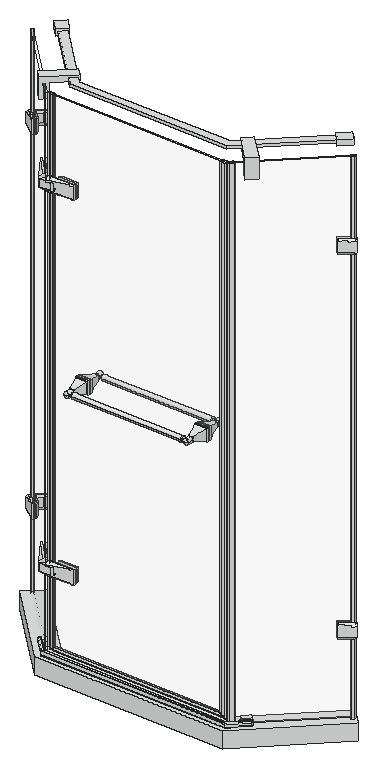
Revit family "Shower-Shower_Door-KOHLER-NEW_MEMOIRS-K-76570T_1", category Specialty Equipment, host Face, Revit 2017 (continued)
Definition of nested family "K-76570T"
  Lines and regions (in)
    symbolic lines, detail levels medium+fine
      curve 411: line (9.02981, 0, 39.31328) -> (9.02981, 0, 39.75178)
      curve 412: line (10.67885, 0, 39.31328) -> (9.02981, 0, 39.31328)
      curve 413: spline (9.49037, 0, 39.77384) -> (9.46965, 0, 39.75291) -> (9.44561, 0, 39.72872) -> (9.41829, 0, 39.70127) -> (9.38771, 0, 39.6706) -> (9.3539, 0, 39.63673) -> (9.31689, 0, 39.59971) -> (9.27671, 0, 39.55955) -> (9.23341, 0, 39.5163) -> (9.18703, 0, 39.47) -> (9.1376, 0, 39.4207) -> (9.08518, 0, 39.36844) -> (9.02981, 0, 39.31328)
      curve 414: spline (10.21817, 0, 39.77396) -> (10.23908, 0, 39.75324) -> (10.26327, 0, 39.72922) -> (10.29071, 0, 39.7019) -> (10.32139, 0, 39.67132) -> (10.35526, 0, 39.6375) -> (10.39229, 0, 39.60048) -> (10.43246, 0, 39.56029) -> (10.47573, 0, 39.51698) -> (10.52204, 0, 39.47057) -> (10.57137, 0, 39.42112) -> (10.62365, 0, 39.36867) -> (10.67885, 0, 39.31328)
      curve 415: spline (10.21829, 0, 40.50175) -> (10.23901, 0, 40.52268) -> (10.26305, 0, 40.54687) -> (10.29037, 0, 40.57432) -> (10.32095, 0, 40.60499) -> (10.35476, 0, 40.63886) -> (10.39177, 0, 40.67589) -> (10.43195, 0, 40.71604) -> (10.47525, 0, 40.75929) -> (10.52164, 0, 40.80559) -> (10.57106, 0, 40.85489) -> (10.62348, 0, 40.90715) -> (10.67885, 0, 40.96232)
      curve 416: spline (9.02981, 0, 40.96232) -> (9.08495, 0, 40.90698) -> (9.13718, 0, 40.85458) -> (9.18646, 0, 40.80518) -> (9.23274, 0, 40.75881) -> (9.27597, 0, 40.71553) -> (9.31611, 0, 40.67536) -> (9.35314, 0, 40.63836) -> (9.387, 0, 40.60455) -> (9.41767, 0, 40.57397) -> (9.44512, 0, 40.54665) -> (9.46932, 0, 40.52261) -> (9.49025, 0, 40.50187)
      curve 417: line (9.09287, 0, 40.52381) -> (9.09287, 0, 39.75178)
      curve 418: spline (9.4993, 0, 39.91857) -> (9.49855, 0, 39.90686) -> (9.4978, 0, 39.89508) -> (9.49705, 0, 39.88323) -> (9.4963, 0, 39.87132) -> (9.49555, 0, 39.85935) -> (9.4948, 0, 39.84731) -> (9.49406, 0, 39.83521) -> (9.49332, 0, 39.82305) -> (9.49258, 0, 39.81083) -> (9.49184, 0, 39.79856) -> (9.49111, 0, 39.78622) -> (9.49037, 0, 39.77384)
      curve 419: spline (9.49037, 0, 39.77384) -> (9.55246, 0, 39.77729) -> (9.613, 0, 39.78089) -> (9.67184, 0, 39.78464) -> (9.72883, 0, 39.78853) -> (9.78383, 0, 39.79255) -> (9.83669, 0, 39.79668) -> (9.88729, 0, 39.80092) -> (9.9355, 0, 39.80525) -> (9.98119, 0, 39.80967) -> (10.02425, 0, 39.81416) -> (10.06457, 0, 39.81871) -> (10.10205, 0, 39.82331)
      curve 420: spline (10.04329, 0, 39.78487) -> (10.05733, 0, 39.78394) -> (10.07147, 0, 39.78302) -> (10.08572, 0, 39.78211) -> (10.10006, 0, 39.78119) -> (10.11451, 0, 39.78028) -> (10.12905, 0, 39.77936) -> (10.14368, 0, 39.77846) -> (10.1584, 0, 39.77755) -> (10.17321, 0, 39.77665) -> (10.18811, 0, 39.77575) -> (10.2031, 0, 39.77485) -> (10.21817, 0, 39.77396)
      curve 421: spline (10.21817, 0, 39.77396) -> (10.21734, 0, 39.7891) -> (10.21651, 0, 39.80417) -> (10.21567, 0, 39.81914) -> (10.21482, 0, 39.83403) -> (10.21396, 0, 39.84882) -> (10.21309, 0, 39.86352) -> (10.21221, 0, 39.87813) -> (10.21133, 0, 39.89264) -> (10.21043, 0, 39.90705) -> (10.20953, 0, 39.92136) -> (10.20862, 0, 39.93556) -> (10.2077, 0, 39.94966)
      curve 422: spline (10.20736, 0, 40.32656) -> (10.20829, 0, 40.34063) -> (10.20921, 0, 40.3548) -> (10.21013, 0, 40.36907) -> (10.21105, 0, 40.38344) -> (10.21196, 0, 40.39791) -> (10.21287, 0, 40.41247) -> (10.21378, 0, 40.42713) -> (10.21469, 0, 40.44188) -> (10.21559, 0, 40.45672) -> (10.2165, 0, 40.47165) -> (10.21739, 0, 40.48666) -> (10.21829, 0, 40.50175)
      curve 423: spline (10.21829, 0, 40.50175) -> (10.20311, 0, 40.50093) -> (10.18802, 0, 40.5001) -> (10.17302, 0, 40.49926) -> (10.1581, 0, 40.49841) -> (10.14328, 0, 40.49755) -> (10.12855, 0, 40.49669) -> (10.11391, 0, 40.49581) -> (10.09937, 0, 40.49492) -> (10.08492, 0, 40.49403) -> (10.07058, 0, 40.49313) -> (10.05635, 0, 40.49222) -> (10.04222, 0, 40.4913)
      curve 424: spline (9.66583, 0, 40.49097) -> (9.65173, 0, 40.49189) -> (9.63753, 0, 40.49281) -> (9.62322, 0, 40.49373) -> (9.60882, 0, 40.49465) -> (9.59432, 0, 40.49556) -> (9.57972, 0, 40.49647) -> (9.56503, 0, 40.49738) -> (9.55025, 0, 40.49829) -> (9.53538, 0, 40.49919) -> (9.52042, 0, 40.50009) -> (9.50538, 0, 40.50098) -> (9.49025, 0, 40.50187)
      curve 425: spline (9.49025, 0, 40.50187) -> (9.49092, 0, 40.48948) -> (9.49159, 0, 40.47713) -> (9.49228, 0, 40.46485) -> (9.49296, 0, 40.45262) -> (9.49366, 0, 40.44045) -> (9.49436, 0, 40.42834) -> (9.49506, 0, 40.41629) -> (9.49577, 0, 40.40431) -> (9.49649, 0, 40.39239) -> (9.49721, 0, 40.38053) -> (9.49794, 0, 40.36874) -> (9.49868, 0, 40.35702)
      curve 426: circle (9.85433, 0, 40.1378) r 0.40033 normal (0, 1, 0)
      curve 427: line (9.09287, 0, 39.91857) -> (9.51936, 0, 39.91857)
      curve 428: line (9.09287, 0, 40.35702) -> (9.51936, 0, 40.35702)
      curve 429: line (9.09287, 0, 40.52381) -> (0.9252, 0, 40.52381)
      curve 430: line (9.09287, 0, 39.75178) -> (0.96387, 0, 39.75178)
      curve 431: line (9.02981, 0, 40.52381) -> (9.02981, 0, 40.96232)
      curve 432: line (8.97232, 0, 39.75178) -> (8.97232, 0, 39.25578)
      curve 433: line (8.92913, 0, 40.52381) -> (8.92913, 0, 41.06299)
      curve 434: line (-11.96853, 0, 77.16535) -> (-15.02315, 0, 77.16535)
      curve 435: line (-11.9482, 0, 77.40945) -> (-12.93245, 0, 77.40945)
      curve 436: line (0, -2.5055, 77.80315) -> (0, -2.5055, 77.40945)
      curve 437: line (0, -1.11355, 77.99213) -> (0, -1.11355, 77.16535)
      curve 438: line (0, -0.13919, 77.40945) -> (0, -0.97436, 77.40945)
      curve 439: line (0, -0.13919, 77.80315) -> (0, -0.13919, 77.40945)
      curve 440: line (0, -0.97436, 77.80315) -> (0, -0.13919, 77.80315)
      curve 441: line (0, -0.97436, 77.40945) -> (0, -0.97436, 77.80315)
      curve 442: line (0, -8.08719, 77.16535) -> (0, -11.15224, 77.16535)
      curve 443: line (0, -9.06155, 77.80315) -> (0, -9.06155, 77.40945)
      curve 444: line (0, -9.06155, 77.80315) -> (0, -8.08719, 77.80315)
      curve 445: line (0, -8.08719, 77.40945) -> (0, -9.06155, 77.40945)
      curve 446: line (0, -11.15224, 77.16535) -> (0, -11.15224, 75.11811)
      curve 447: line (0, -11.45847, 75.11811) -> (0, -11.45847, 77.99213)
      curve 448: line (0, -12.57202, 75.11811) -> (0, -11.15224, 75.11811)
      curve 449: line (0, -12.57202, 77.16535) -> (0, -12.57202, 75.11811)
      curve 450: line (0, -13.82758, 77.16535) -> (0, -13.82758, 66.33858)
      curve 451: line (0, -3.45675, 2.3622) -> (0, -3.45675, 13.18185)
      curve 452: line (0, -2.81451, 64.37008) -> (0, -2.81451, 66.33858)
      curve 453: line (0, -3.03722, 66.33146) -> (0, -3.03722, 64.36295)
      curve 454: line (0, -3.03722, 66.33146) -> (0, -4.66779, 66.33146)
      curve 455: line (0, -3.46468, 66.07664) -> (0, -3.15717, 66.33146)
      curve 456: line (0, -3.46468, 66.07664) -> (0, -4.69516, 66.29275)
      curve 457: line (0, -4.69516, 66.29275) -> (0, -4.69516, 64.41591)
      curve 458: line (0, -4.66779, 66.33146) -> (0, -4.69516, 66.29275)
      curve 459: line (0, -4.69516, 64.41591) -> (0, -4.65771, 64.36295)
      curve 460: line (0, -4.65771, 64.36295) -> (0, -3.03722, 64.36295)
      curve 461: line (0, -3.46468, 64.63202) -> (0, -4.69516, 64.41591)
      curve 462: line (0, -3.13997, 64.36295) -> (0, -3.46468, 64.63202)
      curve 463: line (0, -3.03722, 15.15035) -> (0, -3.03722, 13.18185)
      curve 464: line (0, -3.03722, 15.15035) -> (0, -4.66779, 15.15035)
      curve 465: line (0, -3.46468, 14.89554) -> (0, -3.15717, 15.15035)
      curve 466: line (0, -3.46468, 14.89554) -> (0, -4.69516, 15.11165)
      curve 467: line (0, -4.69516, 15.11165) -> (0, -4.69516, 13.23481)
      curve 468: line (0, -4.66779, 15.15035) -> (0, -4.69516, 15.11165)
      curve 469: line (0, -4.69516, 13.23481) -> (0, -4.65771, 13.18185)
      curve 470: line (0, -4.65771, 13.18185) -> (0, -3.03722, 13.18185)
      curve 471: line (0, -3.46468, 13.45092) -> (0, -4.69516, 13.23481)
      curve 472: line (0, -3.13997, 13.18185) -> (0, -3.46468, 13.45092)
      curve 473: line (0, -3.45675, 15.15035) -> (0, -3.45675, 64.36295)
      curve 474: line (0, -3.46468, 14.89554) -> (0, -3.46468, 13.44996)
      curve 475: line (0, -3.45675, 66.33146) -> (0, -3.45675, 77.16535)
      curve 476: line (0, -3.46468, 66.07664) -> (0, -3.46468, 64.63202)
      curve 477: line (0, -2.86575, 66.33858) -> (0, -2.86575, 64.37008)
      curve 478: line (0, -2.86575, 15.15748) -> (0, -2.86575, 13.18898)
      curve 479: line (0, -2.81451, 15.15748) -> (0, -2.81451, 13.18898)
      curve 480: line (0, -2.86575, 2.3622) -> (0, -14.32595, 2.3622)
      curve 481: line (0, -3.90022, 2.3622) -> (0, -3.90022, 0)
      curve 482: line (0, -11.73686, 2.38323) -> (0, -11.73686, 2.9276)
      curve 483: line (0, -13.83837, 2.95276) -> (0, -11.76201, 2.95276)
      curve 484: arc (0, -11.73686, 2.9276) -> (0, -11.74423, 2.94539) -> (0, -11.76201, 2.95276) r 0.02515
      curve 485: line (0, -13.87497, 3.30709) -> (0, -13.82758, 3.30709)
      curve 486: line (0, -13.98731, 15.15748) -> (0, -14.34315, 14.8622)
      curve 487: line (0, -14.34315, 14.8622) -> (0, -14.34315, 13.48425)
      curve 488: line (0, -14.34315, 14.70472) -> (0, -14.42981, 14.70472)
      curve 489: line (0, -14.42981, 13.64173) -> (0, -14.34315, 13.64173)
      curve 490: line (0, -14.34315, 13.48425) -> (0, -13.98731, 13.18898)
      curve 491: line (0, -11.10405, 13.21796) -> (0, -14.34315, 13.48425)
      curve 492: line (0, -14.34315, 14.8622) -> (0, -11.10405, 15.1285)
      curve 493: line (0, -11.04555, 15.15748) -> (0, -13.98731, 15.15748)
      curve 494: line (0, -13.98731, 13.18898) -> (0, -11.04555, 13.18898)
      curve 495: line (0, -11.10405, 13.21796) -> (0, -11.10405, 15.1285)
      curve 496: line (0, -11.04555, 15.15748) -> (0, -11.04555, 13.18898)
      curve 497: line (0, -11.10405, 15.1285) -> (0, -11.08356, 15.15748)
      curve 498: line (0, -11.08356, 13.18898) -> (0, -11.10405, 13.21796)
      curve 499: line (0, -13.82758, 13.18898) -> (0, -13.82758, 2.95276)
      curve 500: line (0, -13.98591, 66.33858) -> (0, -14.34176, 66.04331)
      curve 501: line (0, -14.34176, 66.04331) -> (0, -14.34176, 64.66535)
      curve 502: line (0, -14.34176, 65.88583) -> (0, -14.42841, 65.88583)
      curve 503: line (0, -14.42841, 64.82283) -> (0, -14.34176, 64.82283)
      curve 504: line (0, -14.34176, 64.66535) -> (0, -13.98591, 64.37008)
      curve 505: line (0, -11.13956, 64.39906) -> (0, -14.3377, 64.66199)
      curve 506: line (0, -14.3377, 66.04668) -> (0, -11.13956, 66.3096)
      curve 507: line (0, -11.08107, 66.33858) -> (0, -13.98591, 66.33858)
      curve 508: line (0, -13.98591, 64.37008) -> (0, -11.08107, 64.37008)
      curve 509: line (0, -11.13956, 64.39906) -> (0, -11.13956, 66.3096)
      curve 510: line (0, -11.08107, 66.33858) -> (0, -11.08107, 64.37008)
      curve 511: line (0, -11.13956, 66.3096) -> (0, -11.11907, 66.33858)
      curve 512: line (0, -11.11907, 64.37008) -> (0, -11.13956, 64.39906)
      curve 513: line (0, -13.82758, 64.37008) -> (0, -13.82758, 15.15748)
      curve 514: line (0, -16.7406, 40.53813) -> (0, -16.7406, 39.73818)
      curve 515: line (0, -16.06105, 40.53741) -> (0, -16.06105, 39.73818)
      curve 516: line (0, -15.96129, 40.45317) -> (0, -15.96129, 39.82117)
      curve 517: spline (0, -15.94246, 40.13653) -> (0, -15.91847, 40.16388) -> (0, -15.89522, 40.19186) -> (0, -15.87273, 40.22044) -> (0, -15.85101, 40.24962) -> (0, -15.83007, 40.27937) -> (0, -15.80994, 40.30967) -> (0, -15.79062, 40.34049) -> (0, -15.77214, 40.37183) -> (0, -15.75449, 40.40364) -> (0, -15.73771, 40.43591) -> (0, -15.72179, 40.46863) -> (0, -15.70674, 40.50175)
      curve 518: spline (0, -15.70774, 39.77396) -> (0, -15.72276, 39.80685) -> (0, -15.73864, 39.83933) -> (0, -15.75539, 39.87137) -> (0, -15.77297, 39.90295) -> (0, -15.79139, 39.93406) -> (0, -15.81063, 39.96466) -> (0, -15.83068, 39.99473) -> (0, -15.85151, 40.02427) -> (0, -15.87312, 40.05323) -> (0, -15.8955, 40.08161) -> (0, -15.91861, 40.10939) -> (0, -15.94246, 40.13653)
      curve 519: line (0, -13.90594, 41.01981) -> (0, -13.90594, 39.25578)
      curve 520: line (0, -13.98286, 40.96232) -> (0, -13.98286, 39.31328)
      curve 521: arc (0, -13.87497, 41.03477) -> (0, -13.85156, 41.0438) -> (0, -13.82758, 41.05118) r 0.36262
      curve 522: arc (0, -13.87497, 39.24082) -> (0, -13.85156, 39.23179) -> (0, -13.82758, 39.22441) r 0.36262
      curve 523: line (-8.19947, -11.39643, 0) -> (-7.49345, -11.39643, 0)
      curve 524: line (-12.93245, -10.1751, 0) -> (-12.09729, -9.33993, 0)
      curve 525: line (-15.11096, -12.35361, 0) -> (-13.62671, -13.98731, 0)
      curve 526: line (9.50132, -11.39643, 0) -> (10.20734, -11.39643, 0)
      curve 527: line (12.93245, -10.1751, 0) -> (12.09729, -9.33993, 0)
      curve 528: line (-24.07725, 0, 2.3622) -> (-24.07725, 0, 13.18185)
      curve 529: line (-24.07725, 0, 15.15035) -> (-24.07725, 0, 64.36295)
      curve 530: line (-24.07725, 0, 66.33146) -> (-24.07725, 0, 77.16535)
      curve 531: line (13.02167, 0, 2.95285) -> (0.04744, 0, 2.95285)
      curve 532: line (-13.34857, 0, 2.95285) -> (-13.34857, 0, 13.64173)
      curve 533: line (-13.34857, 0, 14.70472) -> (-13.34857, 0, 64.82283)
      curve 534: line (-13.34857, 0, 65.88583) -> (-13.34857, 0, 77.16535)
      curve 535: line (13.66776, 0, 2.95285) -> (13.66776, 0, 2.3622)
      curve 536: line (-13.99606, 0, 0) -> (-13.99606, 0, 2.3622)
      curve 537: line (13.99606, 0, 0) -> (13.99606, 0, 2.3622)
      curve 538: line (24.07725, 0, 2.3622) -> (24.07725, 0, 13.18185)
      curve 539: line (24.07725, 0, 15.15035) -> (24.07725, 0, 64.36295)
      curve 540: line (24.07725, 0, 66.33146) -> (24.07725, 0, 77.16535)
  Dimensions and locks (in)
    locked: plane 5 to plane 4 at 50.11811
    locked: plane 7 to plane 5 at 11.06299
    plane 6 to plane 4 = 11.06299"
    plane 7 to plane 6 = 27.99213"
    locked: plane 8 to plane 2 at 40.1378
    locked: plane 9 to plane 2 at 77.16535
    locked: plane 10 to plane 2 at 77.99213
    locked: plane 11 to plane 1 "Center (Front/Back)" at 16.88976
    locked: plane 6 to plane 12 at 15
    locked: plane 14 to plane 13 "A" at 15.66929
    locked: plane 16 "B" to plane 15 at 15.66929
    locked: plane 17 to plane 18 at 0.31496
    locked: plane 19 to plane 20 at 0.31496
    locked: plane 21 to plane 22 at 0.31496
    locked: plane 23 to plane 24 at 13.30709
    locked: plane 27 to plane 28 at 19.55118
    locked: plane 34 to plane 33 at 1.1811
    locked: plane 35 to plane 1 "Center (Front/Back)" at 8.44488
    aligned and locked: plane 2 to level
    aligned and locked: curve 280 to Blend 31
Types (5): name | Type | Product Page URL | Model | Finish
  (no name) | 1 | "https://www.kohler.com.cn/product/K-76570T-FM-SHP/K-76570T-FM-SHP/" | "K-76570T-FM-SHP" | Kohler-Metal-SHP-Bright_Polished_Silver
  SHP-Polished Bright Silver | 1 | "https://www.kohler.com.cn/product/K-76570T-FM-SHP/K-76570T-FM-SHP/" | "K-76570T-FM-SHP" | Kohler-Metal-SHP-Bright_Polished_Silver
  AF-Flange Gold | 2 | "https://www.kohler.com.cn/product/K-76570T-FM-SHP/K-76570T-FM-AF/" | "K-76570T-FM-AF" | Kohler-Metal-AF-Flange_Gold
  BN-Roman Silver | 3 | "https://www.kohler.com.cn/product/K-76570T-FM-SHP/K-76570T-FM-BN/" | "K-76570T-FM-BN" | Kohler-Metal-BN-Roman_Silver
  RGD-Rose Gold | 4 | "https://www.kohler.com.cn/product/K-76570T-FM-SHP/K-76570T-FM-RGD/" | "K-76570T-FM-RGD" | Kohler-Metal-RGD-Rose_Gold
